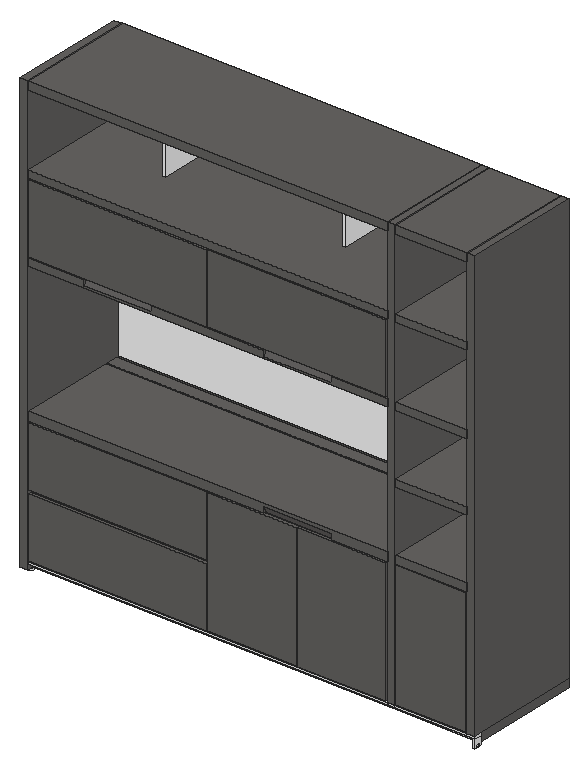
Revit family "Storage-Wall-Teknion-ZXRS_90_High_Without_Lights-R2011", category Furniture Systems, Revit 2013
Parameters (values of type "(See Type Catalog)")
  Working Wall Finish [instance] = Glass - Teknion - K6 - White Backpainted
  Width = 92.642"
  Warranty = "http://www.teknionstudio.com/pdfs/Teknion%20Studio%20Warranty.pdf"
  Wall Unit Finish [instance] = Veneer - Teknion - P7 - Grey Oak
  Unit Weight = 755.00 lbf
  URL = "www.teknionstudio.com"
  Tabletop Right Cutout Offset = if(Has Right Double Doors, 0.000", 4.000")  # 0.000"
  Tabletop Left Cutout Offset = if(Has Left Double Doors, 0.000", 4.000")  # 4.000"
  Storage Tower = Storage-Unit-Teknion-Tower : Upper Shelves & Lower Door
  Series = "B&B Italia"
  Product Page URL = "http://www.teknionstudio.com/acexecutive/"
  Product Line = "AC Executive"
  Product Documentation Link = "http://www.teknionstudio.com/pricing/ac_executive_storage_walls_ppg.pdf"
  Part Number = "ZXRS"
  Model = ""
  Manufacturer Phone = "919-464-2920"
  Manufacturer Fax = "919-464-2927"
  Manufacturer Email = "customersupport@teknionstudio.com"
  Manufacturer Address = "3940 US 70 Business HWY West, Clayton, NC 27520"
  Manufacturer = "Teknion Studio"  # constant formula
  Low Emitting Material = yes
  Low Emitting Finish = yes
  Height = 89.960"
  Has Left File Drawers = not(Has Left Double Doors)  # yes
  Has Left Double Doors = no
  Has Right File File Drawers = not(Has Right Double Doors)  # no
  Has Right Double Doors = yes
  Description = ""
  Depth = 24.000"
  Assembly Code = "E2020200"
Reference planes (in)
  plane 1 "Center F/B": y = 0
  plane 2: z = 0
  plane 3 "Center L/R": x = 0
  plane 4 "Left": x = -46.321
  plane 5 "Right": x = 46.321
  plane 6 "Back": y = 12
  plane 7 "Front": y = -12
  plane 8 "Flip up Cabinets Top": z = 73.81394
  plane 9: x = 28.60446
  plane 10: z = 29.68402
  plane 11: z = 56.1289
  plane 12: x = -44.7815
  plane 13: z = 2.1289
  plane 14: x = -8.08858
  plane 15 "Foot Centerline": y = -11.2126
  plane 16 "Right Tabletop Cutout": y = -12
  plane 17 "Foot Centerline Front": y = -10.22835
  plane 18 "Foot Centerline Back": y = 10.22835
  plane 19 "Top": z = 89.96
  plane 20 "Center Lighting": y = -8.484
  plane 21 "Left Tabletop Cutout": y = -16
Forms (in)
  Sweep 1, solid, material "Veneer - Teknion - P7 - Grey Oak" <- "Wall Unit Finish"
    path origin (0, 0, 15.40683) x (-1, 0, 0) y (0, -1, 0)
      loop
        line (0, -12) -> (0, 12)
    profile origin (0, 0, 15.40683) x (1, 0, 0) y (0, 0, 1)
      loop
        line (-46.321, -14.81732) -> (-44.7815, -14.81732) -> (-44.7815, 74.55317) -> (-46.321, 74.55317) -> (-46.321, -14.81732)
  Sweep 2, solid, material "Metal - Teknion - C6 - Chrome"
    path origin (0, 0, 0) x (1, 0, 0) y (0, 0, 1)
      loop
        line (-44.7815, 2.1289) -> (28.60446, 2.1289)
    profile origin (-8.08852, 0, 2.1289) x (0, 0, 1) y (0, -1, 0)
      loop
        line (0, 12) -> (-0.394, 12) -> (-0.394, 10.4252) -> (0, 10.4252) -> (0, 12)
  Sweep 3, solid, material "Metal - Teknion - C6 - Chrome"
    path origin (0, 0, 0) x (1, 0, 0) y (0, 0, 1)
      loop
        line (-44.7815, 2.1289) -> (28.60446, 2.1289)
    profile origin (-8.08852, 0, 2.1289) x (0, 0, 1) y (0, -1, 0)
      loop
        line (-0.394, 10.6222) -> (-1.5748, 10.6222) -> (-1.5748, 10.4252) -> (-0.394, 10.4252) -> (-0.394, 10.6222)
  Sweep 4, solid, material "Veneer - Teknion - P7 - Grey Oak" <- "Wall Unit Finish"
    path origin (0, 0, 0) x (1, 0, 0) y (0, 0, 1)
      loop
        line (-44.7815, 29.68402) -> (28.60446, 29.68402)
    profile origin (-8.08852, 0, 29.68402) x (0, 0, 1) y (0, -1, 0)
      loop
        line (0, 12) -> (-1.7638, 12) -> (-1.7638, 11.276) -> (-27.55512, 11.276) -> (-27.55512, -12) -> (44.12992, -12) -> (44.12992, 12) -> (42.59055, 12) -> (42.59055, 11.2126) -> (27.98425, 11.2126) -> (27.98425, 12) -> (26.44488, 12) -> (26.44488, -10.94094) -> (0, -10.94094) -> (0, -10.90969) -> (-0.72441, -10.90969) -> (-0.72441, -10.56693) -> (0, -10.56693) -> (0, -8.05709) -> (-0.72441, -8.05709) -> (-0.72441, -7.80709) -> (0, -7.80709) -> (0, 12)
      loop
        line (60.27598, 12) -> (58.73661, 12) -> (58.73661, -12) -> (60.27598, -12) -> (60.27598, 12)
  Sweep 5, solid, material "Veneer - Teknion - P7 - Grey Oak" <- "Wall Unit Finish"
    path origin (0, 0, 15.40683) x (-1, 0, 0) y (0, -1, 0)
      loop
        line (0, 12) -> (0, 11.276)
    profile origin (0, -11.638, 15.40683) x (-1, 0, 0) y (0, 0, 1)
      loop
        line (44.5315, 42.51144) -> (44.5315, 56.61773) -> (8.21358, 56.61773) -> (8.21358, 42.51144) -> (44.5315, 42.51144)
      loop
        line (7.96358, 56.61773) -> (-28.35446, 56.61773) -> (-28.35446, 42.51144) -> (7.96358, 42.51144) -> (7.96358, 56.61773)
  Sweep 6, solid, material "Veneer - Teknion - P7 - Grey Oak" <- "Wall Unit Finish", visible <- "Has Right Double Doors"
    path origin (0, 0, 15.40683) x (-1, 0, 0) y (0, -1, 0)
      loop
        line (0, 12) -> (0, 11.276)
    profile origin (0, -11.638, 15.40683) x (-1, 0, 0) y (0, 0, 1)
      loop
        line (7.96358, 12.26339) -> (-10.06767, 12.26339) -> (-10.06767, -13.02793) -> (7.96358, -13.02793) -> (7.96358, 12.26339)
      loop
        line (-10.31767, 12.26339) -> (-28.35446, 12.26339) -> (-28.35446, -13.02793) -> (-10.31767, -13.02793) -> (-10.31767, 12.26339)
  Sweep 7, solid, material "Veneer - Teknion - P7 - Grey Oak" <- "Wall Unit Finish", visible <- "Has Right File File Drawers"
    path origin (0, 0, 15.40683) x (-1, 0, 0) y (0, -1, 0)
      loop
        line (0, 12) -> (0, 11.276)
    profile origin (0, -11.638, 15.40683) x (-1, 0, 0) y (0, 0, 1)
      loop
        line (7.96358, 12.26339) -> (-28.35446, 12.26339) -> (-28.35446, 0.01144) -> (7.96358, 0.01144) -> (7.96358, 12.26339)
      loop
        line (-28.35446, -0.77597) -> (-28.35446, -13.02793) -> (7.96358, -13.02793) -> (7.96358, -0.77597) -> (-28.35446, -0.77597)
  Sweep 8, void
    path origin (0, 0, 0) x (1, 0, 0) y (0, 0, 1)
      loop
        line (3.38793, 29.68402) -> (17.16746, 29.68402)
    profile origin (10.27769, 0, 29.68402) x (0, 0, 1) y (0, -1, 0)
      loop
        line (-1.7638, 12) -> (-1.7638, 11.52756) -> (-0.66143, 12) -> (-1.7638, 12)
  Sweep 9, void
    path origin (0, 0, 0) x (1, 0, 0) y (0, 0, 1)
      loop
        line (-33.3248, 56.1289) -> (-19.54528, 56.1289)
    profile origin (-26.43504, 0, 56.1289) x (0, 0, 1) y (0, -1, 0)
      loop
        line (1.53937, 12) -> (0.43699, 12) -> (1.53937, 11.52755) -> (1.53937, 12)
  Sweep 10, void
    path origin (0, 0, 0) x (1, 0, 0) y (0, 0, 1)
      loop
        line (3.36811, 56.1289) -> (17.14764, 56.1289)
    profile origin (10.25787, 0, 56.1289) x (0, 0, 1) y (0, -1, 0)
      loop
        line (1.53937, 11.52755) -> (1.53937, 12) -> (0.43699, 12) -> (1.53937, 11.52755)
  Revolve 11, solid, material "Metal - Teknion - C6 - Chrome"
    sketch origin (0, -10.22835, 0) x (0, 0, 1) y (1, 0, 0)
      loop
        line (0, -45.55118) -> (0, -46.28917) -> (0.23622, -46.28917) -> (0.23622, -45.83352) -> (0.58951, -45.83352) -> (0.58951, -45.55118) -> (0, -45.55118)
      axis (0, -45.55118) -> (0.58951, -45.55118)
    angle from 0 to 360
  Revolve 12, solid, material "Metal - Teknion - C6 - Chrome"
    sketch origin (0, 10.22835, 0) x (0, 0, 1) y (1, 0, 0)
      loop
        line (0, -45.55118) -> (0, -46.28917) -> (0.23622, -46.28917) -> (0.23622, -45.83352) -> (0.58951, -45.83352) -> (0.58951, -45.55118) -> (0, -45.55118)
      axis (0, -45.55118) -> (0.58951, -45.55118)
    angle from 0 to 360
  Sweep 13, solid, material "Acrylic - Teknion - Clear"
    path origin (0, 0, 15.40683) x (-1, 0, 0) y (0, -1, 0)
      loop
        line (8.08858, -11.25197) -> (8.08858, 0.16535)
    profile origin (-8.08858, 5.54331, 15.40683) x (1, 0, 0) y (0, 0, 1)
      loop
        line (-18.64357, 73.0138) -> (-18.64357, 58.4071) -> (-18.04908, 58.4071) -> (-18.04908, 73.0138) -> (-18.64357, 73.0138)
      loop
        line (18.04935, 73.0138) -> (18.04935, 58.4071) -> (18.64383, 58.4071) -> (18.64383, 73.0138) -> (18.04935, 73.0138)
  Sweep 14, solid, material "Veneer - Teknion - P7 - Grey Oak" <- "Wall Unit Finish", visible <- "Has Left File Drawers"
    path origin (0, 0, 0) x (0, 1, 0) y (0, 0, 1)
      loop
        line (-11.276, 2.1289) -> (-12, 2.1289)
    profile origin (0, -11.638, 2.1289) x (0, 0, -1) y (1, 0, 0)
      loop
        line (-25.54132, -44.53163) -> (-13.28937, -44.53163) -> (-13.28937, -8.21358) -> (-25.54132, -8.21358) -> (-25.54132, -44.53163)
      loop
        line (-12.50197, -44.53163) -> (-0.25, -44.53163) -> (-0.25, -8.21358) -> (-12.50197, -8.21358) -> (-12.50197, -44.53163)
  Sweep 15, solid, material "Veneer - Teknion - P7 - Grey Oak" <- "Wall Unit Finish", visible <- "Has Left Double Doors"
    path origin (0, 0, 0) x (0, 1, 0) y (0, 0, 1)
      loop
        line (-12, 2.1289) -> (-11.276, 2.1289)
    profile origin (0, -11.638, 2.1289) x (0, 0, 1) y (1, 0, 0)
      loop
        line (25.54132, -26.49483) -> (0.25, -26.49483) -> (0.25, -44.53163) -> (25.54132, -44.53163) -> (25.54132, -26.49483)
      loop
        line (0.25, -26.24483) -> (25.54132, -26.24483) -> (25.54132, -8.21358) -> (0.25, -8.21358) -> (0.25, -26.24483)
  Sweep 16, void
    path origin (0, 0, 0) x (1, 0, 0) y (0, 0, 1)
      loop
        line (-19.56509, 29.68402) -> (-33.34462, 29.68402)
    profile origin (-26.45486, 0, 29.68402) x (0, 0, -1) y (0, -1, 0)
      loop
        line (1.7638, 15.52756) -> (1.7638, 16) -> (0.66143, 16) -> (1.7638, 15.52756)
Cuts and joins
  joined: Sweep 2, Sweep 3
  Sweep 8, Sweep 9, Sweep 10, Sweep 16 cuts Sweep 4
Lines and regions (in)
  Masking region 1
    outline origin (0, 0, 15.40683) x (-1, 0, 0) y (0, -1, 0)
      loop
        line (46.321, -12) -> (46.321, 12) -> (-28.60446, 12) -> (-28.60446, -12) -> (46.321, -12)
  symbolic lines, style "Elevation Swing"
    curve 1: line (-44.7815, -12, 57.66827) -> (-26.43504, -12, 72.02457)
    curve 2: line (-8.08858, -12, 57.66832) -> (-26.43504, -12, 72.02457)
    curve 3: line (-8.08858, 0, 57.66832) -> (10.25794, 0, 72.19583)
    curve 4: line (10.25794, 0, 72.19583) -> (28.60446, 0, 57.66827)
  symbolic lines, detail levels medium+fine
    curve 5: line (-44.7815, 12, 15.40683) -> (-44.7815, -12, 15.40683)
  symbolic lines, style "FurnitureSystemsHiddenLines", detail levels fine
    curve 6: line (28.60446, -11.276, 15.40683) -> (-44.7815, -11.276, 15.40683)
    curve 8: line (-8.08858, 12, 15.40683) -> (-8.08858, -12, 15.40683)
  symbolic lines, visible <- "Has Right Double Doors"
    curve 7: line (-8.08858, -12, 15.40683) -> (-8.08858, -30.34652, 15.40683)
    curve 9: arc (10.25794, -12, 15.40683) -> (15.63151, -24.97295, 15.40683) -> (28.60446, -30.34652, 15.40683) r 18.34652
    curve 10: line (28.60446, -12, 15.40683) -> (28.60446, -30.34652, 15.40683)
    curve 11: arc (-8.08858, -30.34652, 15.40683) -> (4.88437, -24.97295, 15.40683) -> (10.25794, -12, 15.40683) r 18.34652
  symbolic lines, style "Elevation Swing", visible <- "Has Left Double Doors"
    curve 12: line (-26.24483, 0, 27.67022) -> (-8.21358, 0, 15.02111)
    curve 13: line (-8.21358, 0, 15.02111) -> (-26.24483, 0, 2.37201)
    curve 14: line (-26.49483, 0, 2.3789) -> (-44.53163, 0, 15.02456)
    curve 15: line (-44.53163, 0, 15.02456) -> (-26.49483, 0, 27.67022)
  symbolic lines, style "Elevation Swing", built-in parameter 1006206 <- "Has Right Double Doors", visible <- "Has Right Double Doors"
    curve 16: line (10.06767, 0, 27.67022) -> (-7.96358, 0, 15.02111)
    curve 17: line (10.31767, 0, 2.3789) -> (28.35446, 0, 15.02456)
    curve 18: line (28.35446, 0, 15.02456) -> (10.31767, 0, 27.67022)
    curve 19: line (10.06767, 0, 2.3789) -> (-7.96358, 0, 15.02111)
  symbolic lines, visible <- "Has Left Double Doors"
    curve 20: line (-44.7815, -12, 15.40683) -> (-44.7815, -30.34652, 15.40683)
    curve 21: arc (-26.43511, -12, 15.40683) -> (-21.06153, -24.97295, 15.40683) -> (-8.08858, -30.34652, 15.40683) r 18.34652
    curve 22: line (-8.08858, -12, 15.40683) -> (-8.08858, -30.34652, 15.40683)
    curve 23: arc (-44.7815, -30.34652, 15.40683) -> (-31.80854, -24.97295, 15.40683) -> (-26.43497, -12, 15.40683) r 18.34652
Dimensions and locks (in)
  equal spacing: plane 4 "Left", plane 3 "Center L/R", plane 5 "Right"
  "Width": plane 4 "Left" to plane 5 "Right"
  equal spacing: plane 6 "Back", plane 1 "Center F/B", plane 7 "Front"
  "Depth": plane 6 "Back" to plane 7 "Front"
  locked: plane 9 to plane 5 "Right" at 17.71654
  "Height": plane 19 "Top" to plane 2
  locked: plane 10 to plane 2 at 29.68402
  locked: plane 11 to plane 10 at 26.44488
  locked: plane 13 to plane 2 at 2.1289
  locked: plane 13 to Sweep 3 sketch curve at 0.394
  locked: Sweep 3 sketch curve to Sweep 3 sketch curve at 1.1808
  plane 7 "Front" to Sweep 3 sketch curve to Sweep 3 sketch curve = 1.3778" locked, 0.197" locked
  locked: plane 7 "Front" to plane 15 "Foot Centerline" at 0.7874
  locked: plane 10 to Sweep 4 sketch curve at 1.7638
  locked: Sweep 1 sketch curve to plane 2 at 0.58951
  locked: plane 14 to plane 3 "Center L/R" at 8.08858
  locked: plane 7 "Front" to Sweep 5 sketch curve at 0.724
  plane 8 "Flip up Cabinets Top" to Sweep 5 sketch curve to Sweep 5 sketch curve = 1.78937" locked, 14.1063" locked
  plane 8 "Flip up Cabinets Top" to Sweep 5 sketch curve to Sweep 5 sketch curve = 1.78937", 14.1063"
  Sweep 5 sketch curve to plane 3 "Center L/R" to Sweep 5 sketch curve to Sweep 5 sketch curve to Sweep 5 sketch curve = 28.35446" locked, 7.96358" locked, 0.250" locked, 36.31791" locked
  locked: plane 7 "Front" to Sweep 6 sketch curve at 0.724
  locked: plane 10 to Sweep 6 sketch curve at 2.0138  (x2)
  locked: Sweep 6 sketch curve to Sweep 6 sketch curve at 25.29132  (x2)
  Sweep 6 sketch curve to Sweep 6 sketch curve to Sweep 6 sketch curve to Sweep 6 sketch curve to plane 14 = 18.0368" locked, 0.250" locked, 18.03125" locked, 0.125" locked
  locked: plane 7 "Front" to Sweep 7 sketch curve at 0.724
  plane 10 to Sweep 7 sketch curve to Sweep 7 sketch curve to Sweep 7 sketch curve to Sweep 7 sketch curve = 2.0138" locked, 12.25195" locked, 0.7874" locked, 12.25197" locked
  Sweep 7 sketch curve to Sweep 7 sketch curve to plane 14 = 36.31805" locked, 0.125" locked  (x2)
  Sweep 8 sketch curve to Sweep 8 sketch curve to plane 14 = 13.77953" locked, 11.47651" locked
  locked: plane 10 to Sweep 8 sketch curve at 1.7638
  locked: plane 16 "Right Tabletop Cutout" to Sweep 8 sketch curve at 0.47244
  "Tabletop Right Cutout Offset": plane 16 "Right Tabletop Cutout" to plane 7 "Front"
  Sweep 9 sketch curve to Sweep 9 sketch curve to plane 4 "Left" = 13.77953" locked, 12.9962" locked
  locked: Sweep 9 sketch curve to plane 11 at 1.53937
  locked: Sweep 9 sketch curve to plane 11 at 0.43699
  locked: plane 7 "Front" to Sweep 9 sketch curve at 0.47245
  Sweep 10 sketch curve to Sweep 10 sketch curve to plane 11 = 1.10238" locked, 0.43699" locked
  locked: plane 7 "Front" to Sweep 10 sketch curve at 0.47245
  locked: Revolve 11 sketch curve to plane 4 "Left" at 0.76982
  Revolve 11 sketch curve to Revolve 11 sketch curve to plane 2 = 0.35329" locked, 0.23622" locked
  locked: Revolve 11 sketch curve to plane 4 "Left" at 0.03183
  locked: Revolve 12 sketch curve to plane 4 "Left" at 0.76982
  Revolve 12 sketch curve to Revolve 12 sketch curve to plane 2 = 0.35329" locked, 0.23622" locked
  locked: Revolve 12 sketch curve to plane 4 "Left" at 0.03183
  equal spacing: plane 14, curve 2, plane 12
  equal spacing: plane 9, curve 4, plane 14
  locked: plane 7 "Front" to curve 6 at 0.724
  plane 6 "Back" to Sweep 13 sketch curve to Sweep 13 sketch curve = 0.74803" locked, 11.41732" locked
  Sweep 13 sketch curve to Sweep 13 sketch curve to plane 14 = 0.59449" locked, 18.04935" locked
  plane 14 to Sweep 13 sketch curve to Sweep 13 sketch curve = 18.04908" locked, 0.59449" locked
  locked: plane 19 "Top" to Sweep 4 sketch curve at 1.53937
  locked: plane 8 "Flip up Cabinets Top" to Sweep 4 sketch curve at 1.53937
  locked: Sweep 4 sketch curve to plane 11 at 1.53937
  locked: plane 4 "Left" to plane 12 at 1.5395
  locked: plane 19 "Top" to plane 8 "Flip up Cabinets Top" at 16.14606
  locked: plane 6 "Back" to plane 18 "Foot Centerline Back" at 1.77165
  locked: plane 17 "Foot Centerline Front" to plane 7 "Front" at 1.77165
  plane 12 to plane 14 = 36.69291"
  locked: plane 7 "Front" to plane 20 "Center Lighting" at 3.516
  locked: plane 13 to Sweep 2 sketch curve at 0.394
  locked: plane 7 "Front" to Sweep 2 sketch curve at 1.5748
  locked: plane 7 "Front" to Sweep 4 sketch curve at 0.724
  locked: plane 7 "Front" to Sweep 14 sketch curve at 0.724
  plane 10 to Sweep 14 sketch curve to Sweep 14 sketch curve to Sweep 14 sketch curve to Sweep 14 sketch curve = 2.0138" locked, 12.25195" locked, 0.7874" locked, 12.25197" locked
  Sweep 14 sketch curve to Sweep 14 sketch curve to plane 12 = 36.31805" locked, 0.24987" locked  (x2)
  locked: plane 7 "Front" to Sweep 15 sketch curve at 0.724
  plane 14 to Sweep 15 sketch curve to Sweep 15 sketch curve to Sweep 15 sketch curve to Sweep 15 sketch curve = 0.125" locked, 18.03125" locked, 0.250" locked, 18.0368" locked
  plane 10 to Sweep 15 sketch curve to Sweep 15 sketch curve = 2.0138" locked, 25.29132" locked  (x2)
  Sweep 16 sketch curve to Sweep 16 sketch curve to plane 4 "Left" = 13.77953" locked, 12.97638" locked
  locked: plane 10 to Sweep 16 sketch curve at 1.7638
  locked: plane 21 "Left Tabletop Cutout" to Sweep 16 sketch curve at 0.47244
  locked: plane 10 to Sweep 16 sketch curve at 0.66143
  "Tabletop Left Cutout Offset": plane 21 "Left Tabletop Cutout" to plane 7 "Front"
  aligned and locked: level to plane 2
  aligned and locked: nested 1 to plane 5 "Right"
  aligned and locked: plane 6 "Back" to Sweep 1 sketch curve
  aligned and locked: plane 7 "Front" to Sweep 1 sketch curve
  aligned and locked: Sweep 1 sketch curve to plane 3 "Center L/R"
  aligned and locked: plane 4 "Left" to Sweep 1 sketch curve  (x2)
  aligned and locked: Sweep 2 sketch curve to plane 13  (x2)
  aligned and locked: Sweep 2 sketch curve to plane 7 "Front"
  aligned and locked: Sweep 3 sketch curve to plane 13
  aligned and locked: plane 12 to Sweep 4 sketch curve
  aligned and locked: plane 9 to Sweep 4 sketch curve
  aligned and locked: Sweep 4 sketch curve to plane 10  (x3)
  aligned and locked: Sweep 4 sketch curve to plane 7 "Front"  (x3)
  aligned and locked: plane 6 "Back" to Sweep 4 sketch curve
  aligned and locked: plane 3 "Center L/R" to Sweep 5 sketch curve
  aligned and locked: plane 7 "Front" to Sweep 5 sketch curve
  aligned and locked: Sweep 4 sketch curve to plane 11
  aligned and locked: plane 3 "Center L/R" to Sweep 6 sketch curve
  aligned and locked: plane 7 "Front" to Sweep 6 sketch curve
  aligned and locked: plane 7 "Front" to Sweep 7 sketch curve
  aligned and locked: plane 3 "Center L/R" to Sweep 7 sketch curve
  aligned and locked: Sweep 8 sketch curve to plane 10
  aligned and locked: plane 16 "Right Tabletop Cutout" to Sweep 8 sketch curve
  aligned and locked: Sweep 9 sketch curve to plane 11
  aligned and locked: Sweep 10 sketch curve to plane 11
  aligned and locked: Sweep 10 sketch curve to plane 7 "Front"
  aligned and locked: plane 2 to Revolve 11 sketch curve
  aligned and locked: Revolve 12 sketch curve to plane 2
  aligned and locked: plane 12 to curve 1
  aligned and locked: plane 14 to curve 2
  aligned and locked: Sweep 5 to curve 2
  aligned and locked: plane 9 to curve 4
  aligned and locked: plane 14 to curve 3
  aligned and locked: Masking region 1 sketch curve to plane 6 "Back"
  aligned and locked: plane 4 "Left" to Masking region 1 sketch curve
  aligned and locked: Masking region 1 sketch curve to plane 7 "Front"
  aligned and locked: Masking region 1 sketch curve to nested 1
  aligned and locked: plane 6 "Back" to curve 5
  aligned and locked: plane 7 "Front" to curve 5
  aligned and locked: curve 5 to plane 12
  aligned and locked: plane 9 to curve 6
  aligned and locked: curve 8 to plane 14
  aligned and locked: plane 7 "Front" to Sweep 9 sketch curve
  aligned and locked: Sweep 1 sketch curve to plane 19 "Top"
  aligned and locked: Sweep 13 sketch curve to plane 14
  aligned and locked: plane 8 "Flip up Cabinets Top" to Sweep 13 sketch curve  (x2)
  aligned and locked: Sweep 4 sketch curve to plane 8 "Flip up Cabinets Top"
  aligned and locked: Sweep 4 sketch curve to plane 6 "Back"
  aligned and locked: Sweep 4 sketch curve to plane 19 "Top"
  aligned and locked: Sweep 4 sketch curve to plane 15 "Foot Centerline"
  aligned and locked: plane 7 "Front" to Sweep 4 sketch curve
  aligned and locked: plane 2 to nested 1
  aligned and locked: Sweep 1 sketch curve to plane 12
  aligned and locked: plane 1 "Center F/B" to nested 1
  aligned and locked: curve 10 to plane 9
  aligned and locked: curve 8 to curve 7
  aligned and locked: plane 9 to Sweep 2 sketch curve
  aligned and locked: plane 9 to Sweep 3 sketch curve
  aligned and locked: plane 7 "Front" to curve 10
  aligned and locked: Sweep 6 to plane 7 "Front"
  aligned and locked: plane 7 "Front" to curve 9
  aligned and locked: Sweep 4 sketch curve to plane 13
  aligned and locked: plane 12 to Sweep 2 sketch curve
  aligned and locked: plane 12 to Sweep 3 sketch curve
  aligned and locked: plane 7 "Front" to Sweep 14 sketch curve
  aligned and locked: plane 7 "Front" to Sweep 15 sketch curve
  aligned and locked: Sweep 15 sketch curve to plane 13
  aligned and locked: Sweep 15 to curve 12
  aligned and locked: Sweep 15 to curve 13
  aligned and locked: Sweep 15 to curve 14
  aligned and locked: Sweep 15 to curve 15
  aligned and locked: Sweep 6 to curve 16
  aligned and locked: Sweep 6 to curve 17
  aligned and locked: curve 18 to Sweep 6
  aligned and locked: curve 19 to Sweep 6
  aligned and locked: curve 20 to plane 12
  aligned and locked: plane 7 "Front" to curve 23
  aligned and locked: plane 7 "Front" to curve 21
  aligned and locked: plane 10 to Sweep 16 sketch curve
  aligned and locked: Sweep 16 sketch curve to plane 21 "Left Tabletop Cutout"
  aligned and locked: plane 6 "Back" to curve 8
  aligned and locked: plane 7 "Front" to curve 8
Automatic sketch dimensions
  profile plane to Sweep 8 sketch curve = 0.66143"
  plane 3 "Center L/R" to Sweep 10 sketch curve = 3.36811"
  Sweep 10 sketch curve to plane 9 = 11.45683"
  Revolve 11 sketch curve to level = 0.000"
  Revolve 11 sketch curve to Revolve 11 sketch curve = 0.000"  (x2)
  Revolve 11 sketch curve to Revolve 11 sketch curve = 0.28234"
  Revolve 12 sketch curve to level = 0.000"
  Revolve 12 sketch curve to Revolve 12 sketch curve = 0.000"  (x2)
  Revolve 12 sketch curve to Revolve 12 sketch curve = 0.28234"
  plane 11 to curve 2 = 1.53942"
  plane 11 to curve 1 = 1.53937"
  Sweep 13 sketch curve to Sweep 13 sketch curve = 14.60669"  (x2)
  profile plane to Sweep 4 sketch curve = 0.000"
  Sweep 4 sketch curve to Sweep 4 sketch curve = 0.72441"
  profile plane to Sweep 4 sketch curve = 0.72441"
  Sweep 4 sketch curve to Sweep 4 sketch curve = 0.03125"
  Sweep 4 sketch curve to Sweep 4 sketch curve = 0.34277"
  Sweep 4 sketch curve to Sweep 4 sketch curve = 2.50984"
  Sweep 4 sketch curve to Sweep 4 sketch curve = 0.250"
  Sweep 4 sketch curve to Sweep 4 sketch curve = 19.08309"
  plane 13 to Sweep 14 sketch curve = 0.000"
  plane 13 to curve 14 = 0.250"
  curve 14 to curve 13 = 0.250"
  curve 12 to plane 10 = 2.0138"
  curve 15 to curve 12 = 0.250"
  curve 16 to plane 10 = 2.0138"
  curve 16 to curve 18 = 0.250"
  plane 13 to curve 19 = 0.250"
  plane 13 to curve 17 = 0.250"
  curve 19 to curve 17 = 0.250"
  plane 13 to curve 13 = 0.24311"
  plane 13 to curve 19 = 12.89222"
  curve 12 to curve 19 = 0.000"
  plane 13 to curve 14 = 12.89566"
  plane 13 to curve 18 = 12.89566"
  curve 15 to curve 12 = 0.000"
  curve 18 to curve 16 = 0.000"
  plane 11 to curve 4 = 1.53937"
  plane 11 to curve 3 = 1.53942"
  curve 3 to plane 8 "Flip up Cabinets Top" = 1.61811"
  curve 11 to curve 21 = 0.000"
  plane 3 "Center L/R" to curve 9 = 10.25794"
  curve 23 to curve 21 = 0.00013"
Nested families (in)
  nested 1: "Storage-Unit-Teknion-Tower" at (37.46273, 0, 0), Height <- "Height", type <- "Storage Tower", type "Upper Shelves & Lower Door"
    with Height 89.960", Has Top Shelf yes, Bottom Drawer Height 26.016"
Definition of nested family "Storage-Unit-Teknion-Tower"
  Parameters (values of type "Upper Wardrobe & Lower Door")
    Width = 17.71654"
    Warranty = "http://www.teknionstudio.com/pdfs/Teknion%20Studio%20Warranty.pdf"
    Wall Unit Finish = Veneer - Teknion - P8 - Light Brushed Oak
    URL = "www.teknionstudio.com"
    Series = "B&B Italia"
    Product Line = "AC Executive"
    Model = ""
    Middle Drawer Height = if(Has Top Drawer, 6.425", 12.719")  # 12.719"
    Manufacturer Phone = "919-464-2920"
    Manufacturer Fax = "919-464-2927"
    Manufacturer Email = "customersupport@teknionstudio.com"
    Manufacturer Address = "3940 US 70 Business HWY West, Clayton, NC 27520"
    Manufacturer = "Teknion Studio"  # constant formula
    Height [instance] = 73.81394"
    Has Top Shelf [instance] = and(Height > 75.000", Has Shelves)  # no
    Has Top Drawer = no
    Has Top Door = yes
    Has Shelves = no
    Has Right Leg = yes
    Has Middle Drawer = no
    Has Lower Shelf = yes
    Has Left Leg = no
    Has Full Wardrobe Door = no
    Has Doors = yes
    Door Projection Symbol = yes
    Description = "Tower Storage Unit"
    Depth = 24.000"
    Bottom Drawer Height [instance] = if(Has Middle Drawer, 13.047", if(Has Top Drawer, 13.047", if(Has Full Wardrobe Door, (Height - 3.668"), 26.016")))  # 26.016"
    Assembly Code = "E2010200"
  Types (7): name | Wall Unit Finish | Series | Product Line | Middle Drawer Height | Has Top Drawer | Has Top Door | Has Shelves | Has Middle Drawer | Has Lower Shelf | Has Full Wardrobe Door | Has Doors | Door Projection Symbol | Bottom Drawer Height
    Upper Shelves & Lower Door | none | "AC Executive" | "" | 12.719" | no | no | yes | no | yes | no | yes | yes | 26.016"
    Upper Shelves & File/File Pedestal | none | "AC Executive" | "" | 12.719" | no | no | yes | yes | yes | no | no | no | 13.047"
    Upper Shelves & Box/Box/File Pedestal | Veneer - Teknion - P8 - Light Brushed Oak | "AC Executive" | "" | 6.425" | yes | no | yes | yes | yes | yes | no | no | 13.047"
    Full Wardrobe | none | "AC Executive" | "" | 12.719" | no | no | no | no | no | yes | yes | yes | 70.14594"
    Upper Wardrobe & Lower Door | Veneer - Teknion - P8 - Light Brushed Oak | "B&B Italia" | "AC Executive" | 12.719" | no | yes | no | no | yes | no | yes | yes | 26.016"
    Upper Wardrobe & File/File Pedestal | none | "AC Executive" | "" | 12.719" | no | yes | no | yes | yes | no | no | yes | 13.047"
    Upper Wardrobe & Box/Box/File Pedestal | none | "AC Executive" | "" | 6.425" | yes | yes | no | yes | yes | no | no | yes | 13.047"
  Reference planes (in)
    plane 1 "Center F/B": y = 0
    plane 2: z = 0
    plane 3 "Center L/R": x = 0
    plane 4 "Left": x = -8.85827
    plane 5 "Right": x = 8.85827
    plane 6 "Back": y = 12
    plane 7 "Front": y = -12
    plane 8 "Top": z = 73.81394
    plane 9: x = -7.3189
    plane 10: x = 7.3189
    plane 11: z = 2.1289
    plane 12 "Foot Centerline": y = -11.2126
    plane 13: z = 29.68402
    plane 14 "Drawer 1 Top": z = 28.1449
    plane 15 "Drawer 2 Top": z = 40.8639
    plane 16 "Drawer 3 Top": z = 27.89502
    plane 17: z = 42.13677
  Forms (in)
    Sweep 1, solid, material "Metal - Teknion - C6 - Chrome", visible <- "Has Left Leg"
      path origin (0, -12, 0) x (1, 0, 0) y (0, 0, 1)
        loop
          line (-8.85827, 1.7349) -> (-8.85827, 0.05803)
      profile origin (-8.85827, -12, 0.89646) x (0, -1, 0) y (1, 0, 0)
        loop
          line (-1.5748, 0) -> (0, 0) -> (0, 0.394) -> (-1.5748, 0.394) -> (-1.5748, 0)
    Sweep 2, solid, material "Metal - Teknion - C6 - Chrome"
      path origin (0, -12, 0) x (1, 0, 0) y (0, 0, 1)
        loop
          line (-8.85827, 2.1289) -> (8.46427, 2.1289)
      profile origin (-0.197, -12, 2.1289) x (0, 0, 1) y (0, -1, 0)
        loop
          line (-0.394, -1.5748) -> (-0.394, -1.3778) -> (-1.575, -1.3778) -> (-1.575, -1.5748) -> (-0.394, -1.5748)
    Revolve 3, solid, material "Metal - Teknion - C6 - Chrome"
      sketch origin (0, -11.2126, 0) x (0, 0, -1) y (1, 0, 0)
        loop
          line (-0.4911, 8.32677) -> (-0.45173, 8.2874) -> (-0.28492, 8.2874) -> (-0.24555, 8.32677) -> (-0.20618, 8.2874) -> (-0.03937, 8.2874) -> (0, 8.32677) -> (0, 8.66142) -> (-0.4911, 8.66142) -> (-0.4911, 8.32677)
        axis (0, 8.66142) -> (-0.4911, 8.66142)
      angle from 0 to 360
    Revolve 4, solid, material "Metal - Teknion - C6 - Chrome", visible <- "Has Left Leg"
      sketch origin (0, -11.2126, 0) x (0, 0, -1) y (1, 0, 0)
        loop
          line (0, -8.99606) -> (0, -8.66142) -> (-0.4911, -8.66142) -> (-0.4911, -8.99606) -> (-0.45173, -9.03543) -> (-0.28492, -9.03543) -> (-0.24555, -8.99606) -> (-0.20618, -9.03543) -> (-0.03937, -9.03543) -> (0, -8.99606)
        axis (0, -8.66142) -> (-0.4911, -8.66142)
      angle from 0 to 360
    Sweep 5, solid, material "Veneer - Teknion - P8 - Light Brushed Oak" <- "Wall Unit Finish"
      path origin (0, 0, 0) x (1, 0, 0) y (0, 0, 1)
        loop
          line (0, 2.1289) -> (0, 73.81394)
      profile origin (0, 0, 37.97142) x (-1, 0, 0) y (0, -1, 0)
        loop
          line (8.85827, -12) -> (8.85827, 12) -> (7.3189, 12) -> (7.3189, -12) -> (8.85827, -12)
        loop
          line (-7.3189, 12) -> (-8.85827, 12) -> (-8.85827, -12) -> (-7.3189, -12) -> (-7.3189, 12)
    Sweep 6, solid, material "Veneer - Teknion - P8 - Light Brushed Oak" <- "Wall Unit Finish"
      path origin (0, 0, 15.40683) x (-1, 0, 0) y (0, -1, 0)
        loop
          line (0, -12) -> (0, 12)
      profile origin (0, 0, 15.40683) x (1, 0, 0) y (0, 0, 1)
        loop
          line (-7.3189, 58.4071) -> (-7.3189, 56.86773) -> (7.3189, 56.86773) -> (7.3189, 58.4071) -> (-7.3189, 58.4071)
    Sweep 7, solid, material "Veneer - Teknion - P8 - Light Brushed Oak" <- "Wall Unit Finish"
      path origin (0, -12, 0) x (1, 0, 0) y (0, 0, 1)
        loop
          line (0, 2.1289) -> (0, 72.27457)
      profile origin (0, -12, 37.20173) x (-1, 0, 0) y (0, -1, 0)
        loop
          line (7.3189, -24) -> (7.3189, -23.25) -> (-7.3189, -23.25) -> (-7.3189, -24) -> (7.3189, -24)
    Sweep 8, solid, material "Veneer - Teknion - P8 - Light Brushed Oak" <- "Wall Unit Finish", visible <- "Has Lower Shelf"
      path origin (0, -12, 0) x (1, 0, 0) y (0, 0, 1)
        loop
          line (-7.3189, 29.68402) -> (7.3189, 29.68402)
      profile origin (0, -12, 29.68402) x (0, 0, 1) y (0, -1, 0)
        loop
          line (0, 0) -> (-1.539, 0) -> (-1.539, -0.724) -> (-27.55512, -0.724) -> (-27.55512, -23.25) -> (0, -23.25) -> (0, 0)
    Sweep 9, solid, material "Veneer - Teknion - P8 - Light Brushed Oak" <- "Wall Unit Finish"
      path origin (0, -12, 0) x (1, 0, 0) y (0, 0, 1)
        loop
          line (0, 2.3789) -> (0, 27.8949)
      profile origin (0, -12, 15.1369) x (-1, 0, 0) y (0, -1, 0)
        loop
          line (7.0689, -0.724) -> (7.0689, 0) -> (-7.0689, 0) -> (-7.0689, -0.724) -> (7.0689, -0.724)
    Sweep 10, solid, material "Veneer - Teknion - P8 - Light Brushed Oak" <- "Wall Unit Finish", visible <- "Has Middle Drawer"
      path origin (0, -12, 0) x (1, 0, 0) y (0, 0, 1)
        loop
          line (0, 28.1449) -> (0, 40.8639)
      profile origin (0, -12, 34.5044) x (-1, 0, 0) y (0, -1, 0)
        loop
          line (7.0689, -0.724) -> (7.0689, 0) -> (-7.0689, 0) -> (-7.0689, -0.724) -> (7.0689, -0.724)
    Sweep 11, solid, material "Veneer - Teknion - P8 - Light Brushed Oak" <- "Wall Unit Finish", visible <- "Has Top Drawer"
      path origin (0, -12, 0) x (1, 0, 0) y (0, 0, 1)
        loop
          line (0, 47.15802) -> (0, 41.1139)
      profile origin (0, -12, 44.13596) x (0, -1, 0) y (1, 0, 0)
        loop
          line (0, 7.0689) -> (-0.724, 7.0689) -> (-0.724, -7.0689) -> (0, -7.0689) -> (0, 7.0689)
    Sweep 12, solid, material "Veneer - Teknion - P8 - Light Brushed Oak" <- "Wall Unit Finish", visible <- "Has Shelves"
      path origin (0, -12, 0) x (1, 0, 0) y (0, 0, 1)
        loop
          line (0, 42.13677) -> (0, 43.67614)
      profile origin (0, -12, 42.90646) x (-1, 0, 0) y (0, -1, 0)
        loop
          line (7.3189, -23.25) -> (7.3189, 0) -> (-7.3189, 0) -> (-7.3189, -23.25) -> (7.3189, -23.25)
    Sweep 13, solid, material "Veneer - Teknion - P8 - Light Brushed Oak" <- "Wall Unit Finish", visible <- "Has Shelves"
      path origin (0, -12, 13.9918) x (1, 0, 0) y (0, 0, 1)
        loop
          line (0, 42.13677) -> (0, 43.67614)
      profile origin (0, -12, 56.89825) x (-1, 0, 0) y (0, -1, 0)
        loop
          line (7.3189, -23.25) -> (7.3189, 0) -> (-7.3189, 0) -> (-7.3189, -23.25) -> (7.3189, -23.25)
    Sweep 14, solid, material "Veneer - Teknion - P8 - Light Brushed Oak" <- "Wall Unit Finish", visible <- "Has Top Door"
      path origin (0, -12, 0) x (1, 0, 0) y (0, 0, 1)
        loop
          line (0, 29.93402) -> (0, 72.02457)
      profile origin (0, -12, 50.97929) x (-1, 0, 0) y (0, -1, 0)
        loop
          line (7.0689, -0.724) -> (7.0689, 0) -> (-7.0689, 0) -> (-7.0689, -0.724) -> (7.0689, -0.724)
    Sweep 15, solid, material "Veneer - Teknion - P8 - Light Brushed Oak" <- "Wall Unit Finish"
      path origin (0, -12, 0) x (1, 0, 0) y (0, 0, 1)
        loop
          line (-8.85827, 2.1289) -> (8.85827, 2.1289)
      profile origin (0, -12, 2.1289) x (0, 0, 1) y (0, -1, 0)
        loop
          line (0, -1.5748) -> (-1.53937, -1.5748) -> (-1.53937, -24) -> (0, -24) -> (0, -1.5748)
    Sweep 16, solid, material "Veneer - Teknion - P8 - Light Brushed Oak" <- "Wall Unit Finish", visible <- "Has Top Shelf"
      path origin (0, 0, 0) x (1, 0, 0) y (0, 0, 1)
        loop
          line (0, 73.81394) -> (0, 72.27457)
      profile origin (0, 0, 73.04425) x (0, -1, 0) y (1, 0, 0)
        loop
          line (-11.25, -7.3189) -> (12, -7.3189) -> (12, 7.3189) -> (-11.25, 7.3189) -> (-11.25, -7.3189)
    Sweep 17, solid, material "Metal - Teknion - C6 - Chrome"
      path origin (0, 0, 0) x (1, 0, 0) y (0, 0, 1)
        loop
          line (-8.85827, 2.1289) -> (8.85827, 2.1289)
      profile origin (0, 0, 2.1289) x (0, 0, 1) y (0, -1, 0)
        loop
          line (0, 10.4252) -> (0, 12) -> (-0.394, 12) -> (-0.394, 10.4252) -> (0, 10.4252)
    Sweep 18, solid, material "Metal - Teknion - C6 - Chrome"
      path origin (0, 0, 0) x (1, 0, 0) y (0, 0, 1)
        loop
          line (8.85827, 1.7349) -> (8.85827, 0.05803)
      profile origin (8.85827, 0, 0.89646) x (0, -1, 0) y (1, 0, 0)
        loop
          line (10.4252, -0.394) -> (12, -0.394) -> (12, 0) -> (10.4252, 0) -> (10.4252, -0.394)
  Lines and regions (in)
    Masking region 1
      outline origin (0, 0, 15.40683) x (-1, 0, 0) y (0, -1, 0)
        loop
          line (8.85827, -12) -> (8.85827, 12) -> (-8.85827, 12) -> (-8.85827, -12) -> (8.85827, -12)
    symbolic lines, style "FurnitureSystems", detail levels medium+fine
      curve 1: line (-7.3189, 12, 15.40683) -> (-7.3189, -12, 15.40683)
      curve 2: line (7.3189, 12, 15.40683) -> (7.3189, -12, 15.40683)
    symbolic lines, style "FurnitureSystemsHiddenLines", detail levels fine
      curve 3: line (-7.3189, -11.276, 15.40683) -> (7.3189, -11.276, 15.40683)
    symbolic lines, style "Elevation Swing", visible <- "Has Doors"
      curve 4: line (-7.3189, -12, 2.1289) -> (7.3189, -12, 15.1369)
      curve 5: line (7.3189, -12, 15.1369) -> (-7.3189, -12, 28.1449)
    symbolic lines, style "Elevation Swing", visible <- "Has Top Door"
      curve 6: line (-7.3189, -12, 29.68402) -> (7.3189, -12, 50.97929)
      curve 7: line (7.3189, -12, 50.97929) -> (-7.3189, -12, 72.27457)
    symbolic lines, style "FurnitureSystems", visible <- "Door Projection Symbol"
      curve 8: arc (-7.3189, -12, 0) -> (-3.03159, -22.35048, 0) -> (7.3189, -26.6378, 0) r 14.6378
    symbolic lines, visible <- "Door Projection Symbol"
      curve 9: line (7.3189, -12, 15.40683) -> (7.3189, -26.6378, 15.40683)
  Dimensions and locks (in)
    equal spacing: plane 4 "Left", plane 3 "Center L/R", plane 5 "Right"
    "Width": plane 4 "Left" to plane 5 "Right"
    equal spacing: plane 6 "Back", plane 1 "Center F/B", plane 7 "Front"
    "Depth": plane 6 "Back" to plane 7 "Front"
    locked: plane 4 "Left" to plane 9 at 1.53937
    locked: plane 10 to plane 5 "Right" at 1.53937
    "Height": plane 8 "Top" to level
    locked: Sweep 1 sketch curve to level at 0.05803
    locked: plane 11 to plane 2 at 2.1289
    plane 11 to Sweep 2 sketch curve to Sweep 2 sketch curve = 0.394" locked, 1.181" locked
    plane 7 "Front" to Sweep 2 sketch curve to Sweep 2 sketch curve = 1.3778" locked, 0.197" locked
    locked: Revolve 3 sketch curve to plane 2 at 0.4911  (x2)
    locked: plane 5 "Right" to Revolve 3 sketch curve at 0.57087
    locked: plane 7 "Front" to plane 12 "Foot Centerline" at 0.7874
    Revolve 3 sketch curve to Revolve 3 sketch curve to Revolve 3 sketch curve to Revolve 3 sketch curve to plane 2 = 0.16681" locked, 0.07874" locked, 0.16681" locked, 0.03937" locked
    locked: Revolve 4 sketch curve to plane 2 at 0.4911  (x2)
    locked: Revolve 4 sketch curve to Revolve 4 sketch curve at 0.37402
    Revolve 4 sketch curve to Revolve 4 sketch curve to Revolve 4 sketch curve to Revolve 4 sketch curve to plane 2 = 0.16681" locked, 0.07874" locked, 0.16681" locked, 0.03937" locked
    locked: Revolve 4 sketch curve to plane 4 "Left" at 0.19685
    locked: plane 8 "Top" to Sweep 6 sketch curve at 1.53937
    locked: plane 8 "Top" to Sweep 7 sketch curve at 1.53937
    locked: plane 6 "Back" to Sweep 7 sketch curve at 0.75
    locked: plane 13 to plane 2 at 29.68402
    locked: plane 7 "Front" to Sweep 8 sketch curve at 0.724
    locked: plane 13 to Sweep 8 sketch curve at 1.539
    locked: plane 13 to plane 16 "Drawer 3 Top" at 1.789
    "Bottom Drawer Height": plane 14 "Drawer 1 Top" to plane 11
    "Middle Drawer Height": plane 15 "Drawer 2 Top" to plane 14 "Drawer 1 Top"
    locked: plane 14 "Drawer 1 Top" to Sweep 9 sketch curve at 0.25
    locked: plane 7 "Front" to Sweep 9 sketch curve at 0.724
    locked: Sweep 10 sketch curve to plane 12 "Foot Centerline" at 0.0634
    locked: plane 7 "Front" to Sweep 11 sketch curve at 0.724
    locked: plane 17 to plane 13 at 12.45276
    group 1 to group 2 = 0.000"  (x2)
    group 1 to group 2 = 13.9918"
    locked: Sweep 13 to plane 17 at 13.9918
    locked: plane 8 "Top" to Sweep 14 sketch curve at 1.78937
    locked: Sweep 14 sketch curve to plane 13 at 0.25
    locked: plane 7 "Front" to Sweep 14 sketch curve at 0.724
    locked: plane 11 to Sweep 15 sketch curve at 1.53937
    locked: plane 7 "Front" to Sweep 15 sketch curve at 1.5748
    equal spacing: Sweep 6, curve 7, plane 13
    equal spacing: plane 14 "Drawer 1 Top", curve 5, plane 11
    locked: plane 6 "Back" to Sweep 16 sketch curve at 0.75
    Sweep 16 sketch curve to Sweep 16 sketch curve to plane 2 = 1.53937" locked, 72.27457" locked
    locked: Sweep 9 sketch curve to plane 11 at 0.25
    locked: plane 9 to Sweep 9 sketch curve at 0.25
    locked: Sweep 9 sketch curve to plane 10 at 0.25
    locked: Sweep 11 sketch curve to plane 15 "Drawer 2 Top" at 0.25
    locked: plane 9 to Sweep 11 sketch curve at 0.25
    locked: Sweep 11 sketch curve to plane 10 at 0.25
    locked: Sweep 10 sketch curve to plane 10 at 0.25
    locked: plane 9 to Sweep 10 sketch curve at 0.25
    locked: Sweep 11 sketch curve to Sweep 11 sketch curve at 6.04412
    locked: Sweep 14 sketch curve to plane 10 at 0.25
    locked: plane 9 to Sweep 14 sketch curve at 0.25
    locked: plane 4 "Left" to Sweep 1 sketch curve at 0.394
    locked: plane 7 "Front" to Sweep 1 sketch curve at 1.5748
    locked: plane 11 to Sweep 1 sketch curve at 0.394
    locked: Sweep 17 sketch curve to plane 7 "Front" at 1.5748
    locked: plane 11 to Sweep 17 sketch curve at 0.394
    locked: Sweep 18 sketch curve to plane 2 at 0.05803
    locked: Sweep 18 sketch curve to plane 5 "Right" at 0.394
    locked: plane 7 "Front" to Sweep 18 sketch curve at 1.5748
    locked: plane 11 to Sweep 18 sketch curve at 0.394
    locked: plane 5 "Right" to Sweep 2 sketch curve at 0.394
    aligned and locked: level to plane 2
    aligned and locked: Sweep 1 sketch curve to plane 4 "Left"
    aligned and locked: Sweep 2 sketch curve to plane 11
    aligned and locked: plane 2 to Revolve 3 sketch curve
    aligned and locked: Revolve 3 sketch curve to plane 2
    aligned and locked: plane 2 to Revolve 4 sketch curve
    aligned and locked: Revolve 4 sketch curve to plane 2
    aligned and locked: plane 8 "Top" to Sweep 5 sketch curve
    aligned and locked: plane 11 to Sweep 5 sketch curve
    aligned and locked: plane 3 "Center L/R" to Sweep 5 sketch curve
    aligned and locked: Sweep 5 sketch curve to plane 6 "Back"
    aligned and locked: plane 6 "Back" to Sweep 5 sketch curve
    aligned and locked: Sweep 5 sketch curve to plane 10
    aligned and locked: plane 5 "Right" to Sweep 5 sketch curve
    aligned and locked: Sweep 5 sketch curve to plane 9
    aligned and locked: plane 4 "Left" to Sweep 5 sketch curve
    aligned and locked: Sweep 5 sketch curve to plane 7 "Front"
    aligned and locked: plane 7 "Front" to Sweep 5 sketch curve
    aligned and locked: plane 6 "Back" to Sweep 6 sketch curve
    aligned and locked: plane 7 "Front" to Sweep 6 sketch curve
    aligned and locked: Sweep 6 sketch curve to plane 3 "Center L/R"
    aligned and locked: plane 9 to Sweep 6 sketch curve
    aligned and locked: Sweep 6 sketch curve to plane 8 "Top"
    aligned and locked: Sweep 6 sketch curve to plane 10
    aligned and locked: plane 11 to Sweep 7 sketch curve
    aligned and locked: plane 3 "Center L/R" to Sweep 7 sketch curve
    aligned and locked: plane 9 to Sweep 7 sketch curve
    aligned and locked: Sweep 7 sketch curve to plane 10
    aligned and locked: Sweep 7 sketch curve to plane 6 "Back"
    aligned and locked: plane 9 to Sweep 8 sketch curve
    aligned and locked: plane 10 to Sweep 8 sketch curve
    aligned and locked: Sweep 8 sketch curve to plane 13  (x2)
    aligned and locked: plane 7 "Front" to Sweep 8 sketch curve
    aligned and locked: Sweep 8 sketch curve to plane 11
    aligned and locked: plane 3 "Center L/R" to Sweep 9 sketch curve
    aligned and locked: Sweep 9 sketch curve to plane 7 "Front"
    aligned and locked: plane 15 "Drawer 2 Top" to Sweep 10 sketch curve
    aligned and locked: plane 14 "Drawer 1 Top" to Sweep 10 sketch curve
    aligned and locked: plane 3 "Center L/R" to Sweep 10 sketch curve
    aligned and locked: plane 7 "Front" to Sweep 10 sketch curve
    aligned and locked: Sweep 11 sketch curve to plane 3 "Center L/R"
    aligned and locked: Sweep 11 sketch curve to plane 7 "Front"
    aligned and locked: Sweep 13 to plane 9
    aligned and locked: plane 3 "Center L/R" to Sweep 14 sketch curve
    aligned and locked: Sweep 14 sketch curve to plane 7 "Front"
    aligned and locked: plane 4 "Left" to Sweep 15 sketch curve
    aligned and locked: plane 5 "Right" to Sweep 15 sketch curve
    aligned and locked: Sweep 15 sketch curve to plane 11  (x2)
    aligned and locked: Sweep 15 sketch curve to plane 6 "Back"
    aligned and locked: plane 4 "Left" to Masking region 1 sketch curve
    aligned and locked: Masking region 1 sketch curve to plane 6 "Back"
    aligned and locked: Masking region 1 sketch curve to plane 5 "Right"
    aligned and locked: Masking region 1 sketch curve to plane 7 "Front"
    aligned and locked: plane 6 "Back" to curve 1
    aligned and locked: curve 1 to plane 9
    aligned and locked: plane 7 "Front" to curve 2
    aligned and locked: plane 6 "Back" to curve 2
    aligned and locked: curve 2 to plane 10
    aligned and locked: plane 9 to curve 3
    aligned and locked: plane 10 to curve 3
    aligned and locked: curve 3 to Sweep 14
    aligned and locked: plane 11 to curve 4
    aligned and locked: plane 9 to curve 4
    aligned and locked: plane 10 to curve 5
    aligned and locked: plane 9 to curve 5
    aligned and locked: plane 14 "Drawer 1 Top" to curve 5
    aligned and locked: plane 13 to curve 6
    aligned and locked: plane 9 to curve 6
    aligned and locked: plane 9 to curve 7
    aligned and locked: curve 7 to Sweep 6
    aligned and locked: plane 7 "Front" to curve 8
    aligned and locked: curve 8 to plane 10
    aligned and locked: Sweep 16 sketch curve to plane 3 "Center L/R"
    aligned and locked: plane 9 to Sweep 16 sketch curve
    aligned and locked: Sweep 16 sketch curve to plane 10
    aligned and locked: Sweep 16 sketch curve to plane 7 "Front"
    aligned and locked: plane 4 "Left" to Sweep 17 sketch curve
    aligned and locked: plane 5 "Right" to Sweep 17 sketch curve
    aligned and locked: Sweep 17 sketch curve to plane 11  (x2)
    aligned and locked: Sweep 17 sketch curve to plane 7 "Front"
    aligned and locked: Sweep 18 sketch curve to plane 5 "Right"  (x2)
    aligned and locked: Sweep 18 sketch curve to plane 7 "Front"
    aligned and locked: plane 4 "Left" to Sweep 2 sketch curve
  Automatic sketch dimensions
    Revolve 3 sketch curve to Revolve 3 sketch curve = 0.03937"  (x3)
    Revolve 3 sketch curve to Revolve 3 sketch curve = 0.000"  (x2)
    Revolve 3 sketch curve to plane 5 "Right" = 0.19685"
    Revolve 4 sketch curve to Revolve 4 sketch curve = 0.03937"  (x3)
    Revolve 4 sketch curve to Revolve 4 sketch curve = 0.000"  (x2)
    Sweep 12 sketch curve to Sweep 12 sketch curve = 1.53937"
    profile plane to Sweep 12 sketch curve = 0.000"
    profile plane to Sweep 12 sketch curve = 7.3189"
    Sweep 12 sketch curve to profile plane = 7.3189"
    Sweep 12 sketch curve to profile plane = 23.250"
    Sweep 13 sketch curve to Sweep 13 sketch curve = 1.53937"
    profile plane to Sweep 13 sketch curve = 0.000"
    profile plane to Sweep 13 sketch curve = 7.3189"
    Sweep 13 sketch curve to profile plane = 7.3189"
    Sweep 13 sketch curve to profile plane = 23.250"
    Sweep 8 sketch curve to Sweep 8 sketch curve = 22.526"
    curve 7 to plane 10 = 0.000"
    curve 8 to plane 9 = 0.000"
    plane 7 "Front" to curve 1 = 0.000"
    plane 7 "Front" to curve 9 = 14.6378"
    Sweep 1 sketch curve to profile plane = 0.000"
    plane 7 "Front" to Sweep 1 sketch curve = 0.000"
